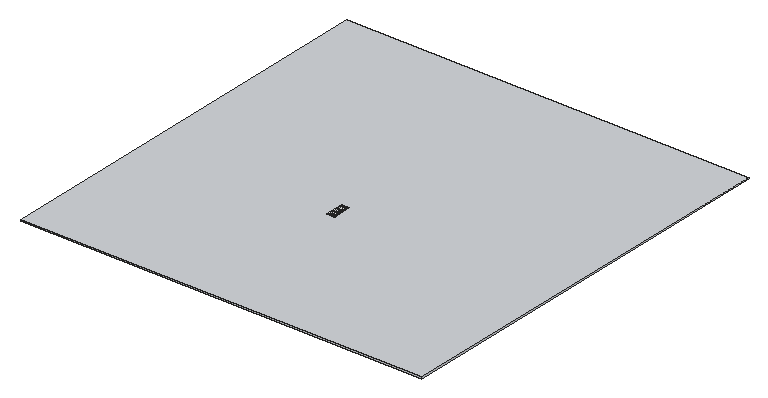
Revit family "xZumtobel SUI DF3", category Lighting Fixtures, host Face, Revit 2016
Family settings
  Host = Face
  Part Type = Normal
  Round Connector Dimension = Use Diameter
  OmniClass Number = 23.80.70.11
  OmniClass Title = Luminaries for Internal Lighting
  Cut with Voids When Loaded = No
  Light Source = Yes
  Shared = No
  Room Calculation Point = No
Parameters (values of type "SUI DF3")
  Width = 50 mm  # constant formula
  Wattage Comments = ""
  Wattage = 6.3955 W
  built-in parameter 1150110 = 1 (stored number, unit not read)
  Voltage = 230 V
  URL = "http://www.zumtobel.com/60210976"
  Type Comments = "© Zumtobel. We reserve the right to make technical changes without prior notice."  # constant formula
  built-in parameter 1114217 = 1 (stored number, unit not read)
  Tilt Angle = -90.00°
  built-in parameter 1150109 = 1 (stored number, unit not read)
  built-in parameter 1150134 = (empty or 0)
  built-in parameter 1150113 = 1 (stored number, unit not read)
  Photometric Web File = "60210976_(STD_LEO).IES"
  Model = "60210976"
  Manufacturer = "Zumtobel Lighting"  # constant formula
  built-in parameter 1150105 = 75.599 (stored number, unit not read)
  Lumens = 950 lm
  built-in parameter 1150115 = 1 (stored number, unit not read)
  built-in parameter 1150137 = (empty or 0)
  built-in parameter 1150139 = (empty or 0)
  Length = 125 mm  # constant formula
  built-in parameter 1150112 = 1 (stored number, unit not read)
  built-in parameter 1150114 = 1 (stored number, unit not read)
  Lamp = "LED"
  built-in parameter 1150132 = 2
  built-in parameter 1150102 = (empty or 0)
  built-in parameter 1150107 = 3000 (stored number, unit not read)
  built-in parameter 1150138 = (empty or 0)
  built-in parameter 1150106 = 0.75599 (stored number, unit not read)
  Height = 49 mm  # constant formula
  Emit from Rectangle Width = Length  # 125 mm
  Emit from Rectangle Length = Width  # 50 mm
  Emit Shape Visible in Rendering = no
  built-in parameter 1150104 = 13.8 (stored number, unit not read)
  Dimming Lamp Color Temperature Shift = <None>
  Description = "LED ceiling luminaire"  # constant formula
  Default Elevation = 0 mm
  Reflector [instance] = Zumtobel_Metal_Black
  Color Filter = 16777215
  Body [instance] = Zumtobel_Metal_White
  built-in parameter 1114218 = 1 (stored number, unit not read)
  built-in parameter 1150133 = 10 (stored number, unit not read)
  Assembly Code = "D5020200"
  Apparent Load = 14 VA
Types (2, lengths in mm): name | URL | Photometric Web File | Model
  SUI DF3 VFL | "http://www.zumtobel.com/60210986" | "60210986_(STD_LEO).IES" | "60210986"
  SUI DF3 | "http://www.zumtobel.com/60210976" | "60210976_(STD_LEO).IES" | "60210976"
Reference planes
  plane 1 "Center (Front/Back)": y = 0
  plane 2 "Ceiling": z = 0
  plane 3 "Center (Left/Right)": x = 399.5
  plane 4: z = -47
  plane 5: z = -100
  plane 6 "Back": y = 56.547
  plane 7 "Right": x = 417.5
  plane 8 "Left": x = 381.5
  plane 9: x = 374.5
  plane 10: x = 424.5
  plane 11: y = 62.547
  plane 12 "Top": z = 2.2
  plane 13 "Interior Face": z = -11.146
  plane 14: z = -13.146
  plane 15: y = -56.547
  plane 16: y = -62.547
Forms (mm)
  Extrusion 1, solid
    sketch origin (116.179, 575, 0) x (1, 0, 0) y (0, 1, 0)
      loop
        line (-1016.679, 1125) -> (-1016.679, -1737.29) -> (1803.321, -1737.29) -> (1803.321, 1125) -> (-1016.679, 1125)
    from 0 to -10
  Extrusion 2, void
    sketch origin (0, 0, 0) x (1, 0, 0) y (0, 1, 0)
      loop
        line (417.5, 56.547) -> (381.5, 56.547) -> (381.5, -56.547) -> (417.5, -56.547) -> (417.5, 56.547)
    from 0 to -100
  Extrusion 3, solid, material "Zumtobel_Metal_White" <- "Body"
    sketch origin (0, 0, 0) x (1, 0, 0) y (0, 1, 0)
      loop
        line (374.5, -62.547) -> (424.5, -62.547) -> (424.5, 62.547) -> (374.5, 62.547) -> (374.5, -62.547)
      loop
        line (415.443, 56.547) -> (383.557, 56.547) -> (383.557, -56.547) -> (415.443, -56.547) -> (415.443, 56.547)
    from 0 to 2.2
  Extrusion 4, solid, material "Zumtobel_Metal_White" <- "Body"
    sketch origin (0, 0, 0) x (1, 0, 0) y (0, 0, 1)
      loop
        line (381.5, 0) -> (381.5, -47) -> (383.557, -47) -> (383.557, -30.55) -> (415.443, -30.55) -> (415.443, -47) -> (417.5, -47) -> (417.5, 0) -> (415.443, 0) -> (415.443, -29.076) -> (383.557, -29.076) -> (383.557, 0) -> (381.5, 0)
    from 56.547 to -56.547
  Extrusion 5, solid, material "Zumtobel_Metal_White" <- "Body"
    sketch origin (0, 0, 0) x (1, 0, 0) y (0, 1, 0)
      loop
        line (384.5, -20) -> (384.5, -50) -> (414.5, -50) -> (414.5, -20) -> (384.5, -20)
      loop
        line (384.5, 15) -> (384.5, -15) -> (414.5, -15) -> (414.5, 15) -> (384.5, 15)
      loop
        line (384.5, 50) -> (384.5, 20) -> (414.5, 20) -> (414.5, 50) -> (384.5, 50)
    from 0 to -13.146
  Blend 6, void
    base sketch origin (0, 105, 0) x (1, 0, 0) y (0, 1, 0)
      loop
        line (386.5, -127) -> (386.5, -153) -> (412.5, -153) -> (412.5, -127) -> (386.5, -127)
    top sketch origin (0, 105, 0) x (1, 0, 0) y (0, 1, 0)
      loop
        line (390.027, -130.527) -> (390.027, -149.473) -> (408.973, -149.473) -> (408.973, -130.527) -> (390.027, -130.527)
    from 0 to -11.146
  Blend 7, void
    base sketch origin (0, 140, 0) x (1, 0, 0) y (0, 1, 0)
      loop
        line (386.5, -127) -> (386.5, -153) -> (412.5, -153) -> (412.5, -127) -> (386.5, -127)
    top sketch origin (0, 140, 0) x (1, 0, 0) y (0, 1, 0)
      loop
        line (390.027, -130.527) -> (390.027, -149.473) -> (408.973, -149.473) -> (408.973, -130.527) -> (390.027, -130.527)
    from 0 to -11.146
  Blend 8, void
    base sketch origin (0, 175, 0) x (1, 0, 0) y (0, 1, 0)
      loop
        line (386.5, -127) -> (386.5, -153) -> (412.5, -153) -> (412.5, -127) -> (386.5, -127)
    top sketch origin (0, 175, 0) x (1, 0, 0) y (0, 1, 0)
      loop
        line (390.027, -130.527) -> (390.027, -149.473) -> (408.973, -149.473) -> (408.973, -130.527) -> (390.027, -130.527)
    from 0 to -11.146
  Extrusion 9, void
    sketch origin (0, 0, -11.146) x (-1, 0, 0) y (0, -1, 0)
      loop
        circle (-399.5, -35) r 9.473
      loop
        circle (-399.5, 0) r 9.473
      loop
        circle (-399.5, 35) r 9.473
    from 0 to -2
  Extrusion 10, solid, material "Zumtobel_Cover_Self_llumination_Opaque"
    sketch origin (0, 0, -11.146) x (-1, 0, 0) y (0, -1, 0)
      loop
        circle (-399.5, -35) r 9.473
      loop
        circle (-399.5, 0) r 9.473
      loop
        circle (-399.5, 35) r 9.473
    from 0 to -2
  Extrusion 11, solid, material "Zumtobel_Metal_White" <- "Body"
    sketch origin (0, -104.953, 0) x (1, 0, 0) y (0, 0, 1)
      loop
        line (381.5, -30.55) -> (417.5, -30.55) -> (417.5, 0) -> (381.5, 0) -> (381.5, -30.55)
    from -159.554 to -161.5
  Extrusion 12, solid, material "Zumtobel_Metal_White" <- "Body"
    sketch origin (0, 104.953, 0) x (1, 0, 0) y (0, 0, -1)
      loop
        line (381.5, 30.55) -> (381.5, 0) -> (417.5, 0) -> (417.5, 30.55) -> (381.5, 30.55)
    from -159.554 to -161.5
Cuts and joins
  Extrusion 9 cuts Extrusion 3
  Extrusion 9 cuts Extrusion 4
  joined: Extrusion 3, Extrusion 4, Extrusion 11, Extrusion 12
  Blend 6, Blend 7, Blend 8, Extrusion 9 cuts Extrusion 5
Dimensions and locks
  locked: plane 12 "Top" to plane 2 "Ceiling" at 2.2
  plane 12 "Top" to plane 13 "Interior Face" to plane 14 to plane 4 to plane 5 = 13.346 mm locked, 2 mm locked, 33.854 mm locked, 53 mm locked
  aligned and locked: Extrusion 1 to plane 2 "Ceiling"
  aligned and locked: Extrusion 1 to level
  aligned and locked: Extrusion 2 sketch curve to plane 6 "Back"
  aligned and locked: Extrusion 2 sketch curve to plane 7 "Right"
  aligned and locked: plane 8 "Left" to Extrusion 2 sketch curve
  aligned and locked: Extrusion 2 to plane 5
  aligned and locked: plane 12 "Top" to Extrusion 3
  aligned and locked: Extrusion 5 to plane 14
  aligned and locked: Extrusion 10 to plane 14
  aligned and locked: imposter light to plane 12 "Top"
Connectors
  electrical at (399.5, 0, 2.2), driven by "Apparent Load", driven by "Voltage"
    settings: on cut or joined group of Extrusion 3, Extrusion 4, Extrusion 9, Extrusion 11, Extrusion 12, index 1, voltage 230 V, apparent load 14 VA, apparent load phase1 0 VA, apparent load phase2 0 VA, apparent load phase3 0 VA, power factor 1, load classification "Lighting", number of poles 1, system type 30, power factor state 1, is connector primary yes, connector utility no, sub classification motor no, connector description "Power"
